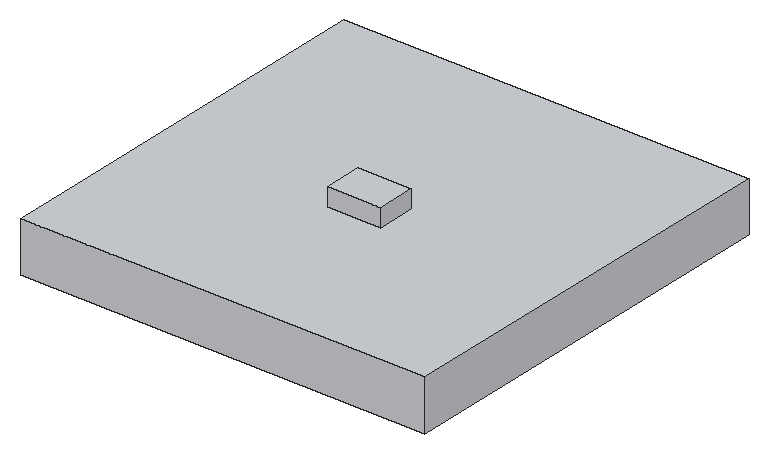
Revit family "M_Painel detector do controle de amostragem de ar", category Equipamento elétrico, Revit 2019
Family settings
  Hospedeiro = Face
  Cota do conector redondo = Utilizar diâmetro
  Tipo de parte = Outros painéis
  Número OmniClass = 23.85.30.21.11.14
  Título OmniClass = Alarm Panels
  ID de item do Seek = Air Sampling Control Detector Panel-0000-CAN-ENU
  Corte com vazios quando carregada = Não
  Compartilhado = Não
  Ponto de cálculo do ambiente = Não
Parameters (values of type "Padrão")
  Largura = 228 mm
  Material do painel = none
  Comprimento = 320 mm
  Altura = 108 mm
  Elevação-padrão = 1200 mm
Reference planes
  plane 1 "Centro (Frente/Trás)": y = 0
  plane 2: z = 0
  plane 3 "Centro (Esquerda/Direita)": x = 0
  plane 4: x = -160
  plane 5: x = 160
  plane 6: y = -228
  plane 7: z = 108
Forms (mm)
  Extrusion 1, solid
    sketch origin (0, 0, 0) x (1, 0, 0) y (0, 1, 0)
      loop
        line (-1219.2, 1219.2) -> (-1219.2, -1219.2) -> (1219.2, -1219.2) -> (1219.2, 1219.2) -> (-1219.2, 1219.2)
    from 0 to -304.8
  Extrusion 2, solid, material <- "Material do painel"
    sketch origin (0, 0, 0) x (1, 0, 0) y (0, 1, 0)
      loop
        line (-160, 0) -> (-160, -228) -> (160, -228) -> (160, 0) -> (-160, 0)
    from 0 to 108
Dimensions and locks
  "Largura": plane 1 "Centro (Frente/Trás)" to plane 6
  equal spacing: plane 4, plane 3 "Centro (Esquerda/Direita)", plane 5
  "Comprimento": plane 4 to plane 5
  "Altura": plane 7 to plane 2
  aligned and locked: plane 2 to Extrusion 1
  aligned and locked: level to Extrusion 1
  aligned and locked: plane 4 to Extrusion 2 sketch curve
  aligned and locked: plane 1 "Centro (Frente/Trás)" to Extrusion 2 sketch curve
  aligned and locked: plane 6 to Extrusion 2 sketch curve
  aligned and locked: Extrusion 2 sketch curve to plane 5
  aligned and locked: Extrusion 2 to plane 2
  aligned and locked: plane 7 to Extrusion 2
  aligned and locked: plane 5 to Extrusion 2
  aligned and locked: plane 2 to nested 1
  aligned and locked: plane 7 to nested 1
  aligned and locked: plane 5 to nested 1
  aligned and locked: plane 4 to nested 1
Automatic sketch dimensions
  Extrusion 1 sketch curve to Extrusion 1 sketch curve = 2438.4 mm  (x2)
Nested families
  nested 1: "M_Anotação do painel detector do controle de amostragem de ar" at (546.1, 0, -136.5) x (1, 0, 0) z (0, -1, 0), type "Anotação do painel detector do controle de amostragem de ar", detail levels coarse+medium
    with Largura 108 mm, Comprimento 320 mm
Connectors
  electrical at (0, 0, 54)
    settings: on Extrusion 2, index 1, voltage 0 V, apparent load 0 VA, apparent load phase1 0 VA, apparent load phase2 0 VA, apparent load phase3 0 VA, power factor 1, load classification "Outros", number of poles 1, system type 11, power factor state 1, is connector primary yes, connector utility no, sub classification motor no, connector description ""
  cabletrayconduit at (0, 0, 54), diameter 600
    settings: on Extrusion 2, index 2, connector width 300 mm, connector height 300 mm, connector angle 0.00°, system type 32, placement type 1, profile type 0, connector reference index -1, is primary connector yes, connector utility param no, connector description ""
  cabletrayconduit at (-160, -114, 54), diameter 600
    settings: on Extrusion 2, index 3, connector width 300 mm, connector height 300 mm, connector angle 0.00°, system type 32, placement type 1, profile type 0, connector reference index -1, is primary connector no, connector utility param no, connector description ""
  cabletrayconduit at (160, -114, 54), diameter 600
    settings: on Extrusion 2, index 4, connector width 300 mm, connector height 300 mm, connector angle 0.00°, system type 32, placement type 1, profile type 0, connector reference index -1, is primary connector no, connector utility param no, connector description ""
  cabletrayconduit at (0, -114, 0), diameter 600
    settings: on Extrusion 2, index 5, connector width 300 mm, connector height 300 mm, connector angle 0.00°, system type 32, placement type 1, profile type 0, connector reference index -1, is primary connector no, connector utility param no, connector description ""
  cabletrayconduit at (0, -228, 54), diameter 600
    settings: on Extrusion 2, index 6, connector width 300 mm, connector height 300 mm, connector angle 0.00°, system type 32, placement type 1, profile type 0, connector reference index -1, is primary connector no, connector utility param no, connector description ""
Definition of nested family "M_Anotação do painel detector do controle de amostragem de ar"
  Parameters
    Largura [instance] = 127 mm
    Comprimento [instance] = 127 mm
    Assembly Code = ""
  Reference planes
    plane 1 "Centro (Frente/Trás)": y = 190.5
    plane 2: z = 0
    plane 3 "Centro (Esquerda/Direita)": x = -546.1
    plane 4: x = -609.6
    plane 5: x = -482.6
    plane 6: y = 254
    plane 7: y = 127
  Lines and regions (mm)
    Filled region 1, type "Preenchimento sólido - Preto", in view "Nível de referência"
      outline origin (-239.62, 207.108, 0) x (1, 0, 0) y (0, 1, 0)
        loop
          line (-315.392, -11.99) -> (-319.927, -11.99)
          arc (-319.927, -11.99) -> (-322.557, -14.873) -> (-319.674, -17.502) r 2.759
          line (-319.674, -17.502) -> (-316.587, -17.502) -> (-316.587, -21.392) -> (-315.392, -21.392) -> (-315.392, -11.99)
        loop
          line (-319.643, -16.44) -> (-316.587, -16.44) -> (-316.587, -13.119) -> (-319.674, -13.119)
          arc (-319.674, -13.119) -> (-321.223, -14.794) -> (-319.643, -16.44) r 1.663
        loop
          line (-313.827, -11.99) -> (-313.827, -13.119) -> (-308.646, -13.119) -> (-308.646, -16.044) -> (-313.144, -16.044) -> (-313.144, -17.136) -> (-308.646, -17.136) -> (-308.646, -21.392) -> (-307.458, -21.392) -> (-307.458, -11.99) -> (-313.827, -11.99)
        loop
          line (-294.041, -11.99) -> (-297.839, -21.392) -> (-296.459, -21.392) -> (-295.363, -18.538) -> (-291.414, -18.538) -> (-290.389, -21.392) -> (-289.076, -21.392) -> (-292.679, -11.99) -> (-294.041, -11.99)
        loop
          line (-293.317, -12.971) -> (-294.974, -17.523) -> (-291.75, -17.523) -> (-293.317, -12.971)
        loop
          line (-305.879, -15.017) -> (-304.705, -15.017)
          spline (-304.705, -15.017) -> (-304.675, -14.506) -> (-304.468, -14.019) -> (-304.099, -13.591) -> (-303.594, -13.254) -> (-302.989, -13.031) -> (-302.329, -12.94) -> (-301.66, -12.985) -> (-301.032, -13.165) -> (-300.489, -13.466) -> (-300.07, -13.866) -> (-299.806, -14.337) -> (-299.716, -14.845)
          arc (-299.716, -14.845) -> (-299.796, -15.232) -> (-300.075, -15.512) r 0.69
          line (-300.075, -15.512) -> (-303.741, -16.881)
          arc (-303.741, -16.881) -> (-304.339, -17.106) -> (-304.942, -17.317) r 27.72
          arc (-304.942, -17.317) -> (-305.491, -18.373) -> (-305.265, -19.541) r 1.808
          spline (-305.265, -19.541) -> (-304.83, -20.117) -> (-304.254, -20.597) -> (-303.566, -20.958) -> (-302.8, -21.18) -> (-301.995, -21.253) -> (-301.191, -21.174) -> (-300.428, -20.946) -> (-299.743, -20.581) -> (-299.172, -20.097) -> (-298.742, -19.518) -> (-298.476, -18.873) -> (-298.385, -18.194)
          line (-298.385, -18.194) -> (-299.569, -18.194)
          spline (-299.569, -18.194) -> (-299.562, -18.719) -> (-299.741, -19.226) -> (-300.091, -19.676) -> (-300.587, -20.037) -> (-301.191, -20.282) -> (-301.859, -20.391) -> (-302.541, -20.358) -> (-303.185, -20.184) -> (-303.744, -19.882) -> (-304.176, -19.476) -> (-304.449, -18.994) -> (-304.542, -18.474)
          arc (-304.542, -18.474) -> (-304.301, -18.01) -> (-303.904, -17.67) r 1.37
          line (-303.904, -17.67) -> (-303.019, -17.349)
          arc (-303.019, -17.349) -> (-301.853, -17.099) -> (-300.71, -16.762) r 15.949
          arc (-300.71, -16.762) -> (-299.934, -16.362) -> (-299.242, -15.832) r 4.903
          arc (-299.242, -15.832) -> (-298.634, -14.947) -> (-298.718, -13.877) r 1.608
          spline (-298.718, -13.877) -> (-299.114, -13.225) -> (-299.673, -12.668) -> (-300.365, -12.237) -> (-301.154, -11.953) -> (-301.997, -11.833) -> (-302.85, -11.882) -> (-303.666, -12.099) -> (-304.404, -12.471) -> (-305.023, -12.978) -> (-305.49, -13.595) -> (-305.781, -14.287) -> (-305.879, -15.017)
    detail lines, in view "Nível de referência"
      curve 1: line (-609.6, 254, 0) -> (-482.6, 254, 0)
      curve 2: line (-609.6, 127, 0) -> (-609.6, 254, 0)
      curve 3: line (-482.6, 127, 0) -> (-609.6, 127, 0)
      curve 4: line (-482.6, 254, 0) -> (-482.6, 127, 0)
  Dimensions and locks
    equal spacing: plane 4, plane 3 "Centro (Esquerda/Direita)", plane 5
    "Comprimento": plane 4 to plane 5
    equal spacing: plane 6, plane 1 "Centro (Frente/Trás)", plane 7
    "Largura": plane 6 to plane 7
    aligned and locked: plane 4 to curve 1
    aligned and locked: curve 1 to plane 6
    aligned and locked: plane 7 to curve 4
    aligned and locked: curve 4 to plane 5
  Automatic sketch dimensions
    Filled region 1 sketch curve to Filled region 1 sketch curve = 0.126 mm  (x2)
    Filled region 1 sketch curve to Filled region 1 sketch curve = 0.252 mm
    Filled region 1 sketch curve to Filled region 1 sketch curve = 0.031 mm
    Filled region 1 sketch curve to Filled region 1 sketch curve = 0.242 mm
    Filled region 1 sketch curve to Filled region 1 sketch curve = 3.088 mm
    Filled region 1 sketch curve to Filled region 1 sketch curve = 0 mm  (x4)
    Filled region 1 sketch curve to Filled region 1 sketch curve = 1.195 mm
    Filled region 1 sketch curve to Filled region 1 sketch curve = 1.565 mm
    Filled region 1 sketch curve to Filled region 1 sketch curve = 0.023 mm
    Filled region 1 sketch curve to Filled region 1 sketch curve = 3.443 mm
    Filled region 1 sketch curve to Filled region 1 sketch curve = 5.181 mm
    Filled region 1 sketch curve to Filled region 1 sketch curve = 1.188 mm
    Filled region 1 sketch curve to Filled region 1 sketch curve = 2.767 mm
    Filled region 1 sketch curve to Filled region 1 sketch curve = 1.675 mm
    Filled region 1 sketch curve to Filled region 1 sketch curve = 2.192 mm
    Filled region 1 sketch curve to Filled region 1 sketch curve = 0.323 mm
    Filled region 1 sketch curve to Filled region 1 sketch curve = 1.175 mm
    Filled region 1 sketch curve to Filled region 1 sketch curve = 0.4 mm
    Filled region 1 sketch curve to Filled region 1 sketch curve = 0.638 mm  (x2)
    Filled region 1 sketch curve to Filled region 1 sketch curve = 0.162 mm
    Filled region 1 sketch curve to Filled region 1 sketch curve = 0.84 mm
    Filled region 1 sketch curve to Filled region 1 sketch curve = 0.473 mm
    Filled region 1 sketch curve to Filled region 1 sketch curve = 0.723 mm
    Filled region 1 sketch curve to Filled region 1 sketch curve = 2.145 mm
    Filled region 1 sketch curve to Filled region 1 sketch curve = 2.489 mm
    Filled region 1 sketch curve to Filled region 1 sketch curve = 0.039 mm
    Filled region 1 sketch curve to Filled region 1 sketch curve = 1.186 mm
    Filled region 1 sketch curve to Filled region 1 sketch curve = 0.032 mm  (x2)
    Filled region 1 sketch curve to Filled region 1 sketch curve = 1.3 mm
    Filled region 1 sketch curve to Filled region 1 sketch curve = 1.773 mm
    Filled region 1 sketch curve to Filled region 1 sketch curve = 0.216 mm
    Filled region 1 sketch curve to Filled region 1 sketch curve = 0.329 mm
    Filled region 1 sketch curve to Filled region 1 sketch curve = 0.472 mm
    Filled region 1 sketch curve to Filled region 1 sketch curve = 1.141 mm
    Filled region 1 sketch curve to Filled region 1 sketch curve = 0.833 mm
    Filled region 1 sketch curve to Filled region 1 sketch curve = 0.998 mm
    Filled region 1 sketch curve to Filled region 1 sketch curve = 1.184 mm
    Filled region 1 sketch curve to Filled region 1 sketch curve = 0.546 mm
    Filled region 1 sketch curve to Filled region 1 sketch curve = 1.38 mm
    Filled region 1 sketch curve to Filled region 1 sketch curve = 3.022 mm
    Filled region 1 sketch curve to Filled region 1 sketch curve = 0.39 mm
    Filled region 1 sketch curve to Filled region 1 sketch curve = 4.678 mm
    Filled region 1 sketch curve to Filled region 1 sketch curve = 0.724 mm
    Filled region 1 sketch curve to Filled region 1 sketch curve = 3.224 mm
    Filled region 1 sketch curve to Filled region 1 sketch curve = 0.335 mm
    Filled region 1 sketch curve to Filled region 1 sketch curve = 1.025 mm
    Filled region 1 sketch curve to Filled region 1 sketch curve = 1.313 mm
    Filled region 1 sketch curve to Filled region 1 sketch curve = 0.845 mm
    Filled region 1 sketch curve to Filled region 1 sketch curve = 0.804 mm
    Filled region 1 sketch curve to Filled region 1 sketch curve = 0.344 mm
    Filled region 1 sketch curve to Filled region 1 sketch curve = 0.229 mm
    Filled region 1 sketch curve to Filled region 1 sketch curve = 1.067 mm
    Filled region 1 sketch curve to Filled region 1 sketch curve = 1.851 mm
    Filled region 1 sketch curve to Filled region 1 sketch curve = 2.854 mm  (x2)
    Filled region 1 sketch curve to Filled region 1 sketch curve = 1.015 mm
    Filled region 1 sketch curve to Filled region 1 sketch curve = 3.89 mm
    Filled region 1 sketch curve to Filled region 1 sketch curve = 0.367 mm
    Filled region 1 sketch curve to Filled region 1 sketch curve = 0.79 mm
    Filled region 1 sketch curve to Filled region 1 sketch curve = 1.432 mm
    Filled region 1 sketch curve to Filled region 1 sketch curve = 1.062 mm
    Filled region 1 sketch curve to Filled region 1 sketch curve = 1.091 mm
    Filled region 1 sketch curve to Filled region 1 sketch curve = 0.93 mm
    Filled region 1 sketch curve to Filled region 1 sketch curve = 0.32 mm
    Filled region 1 sketch curve to Filled region 1 sketch curve = 2.299 mm
    Filled region 1 sketch curve to Filled region 1 sketch curve = 0.607 mm
    Filled region 1 sketch curve to Filled region 1 sketch curve = 1.661 mm
    Filled region 1 sketch curve to Filled region 1 sketch curve = 0.374 mm
    Filled region 1 sketch curve to Filled region 1 sketch curve = 4.552 mm
    Filled region 1 sketch curve to Filled region 1 sketch curve = 0.98 mm
    Filled region 1 sketch curve to Filled region 1 sketch curve = 1.129 mm
    Filled region 1 sketch curve to plane 1 "Centro (Frente/Trás)" = 4.618 mm
    Filled region 1 sketch curve to plane 3 "Centro (Esquerda/Direita)" = 13.447 mm
    Filled region 1 sketch curve to Filled region 1 sketch curve = 2.918 mm
